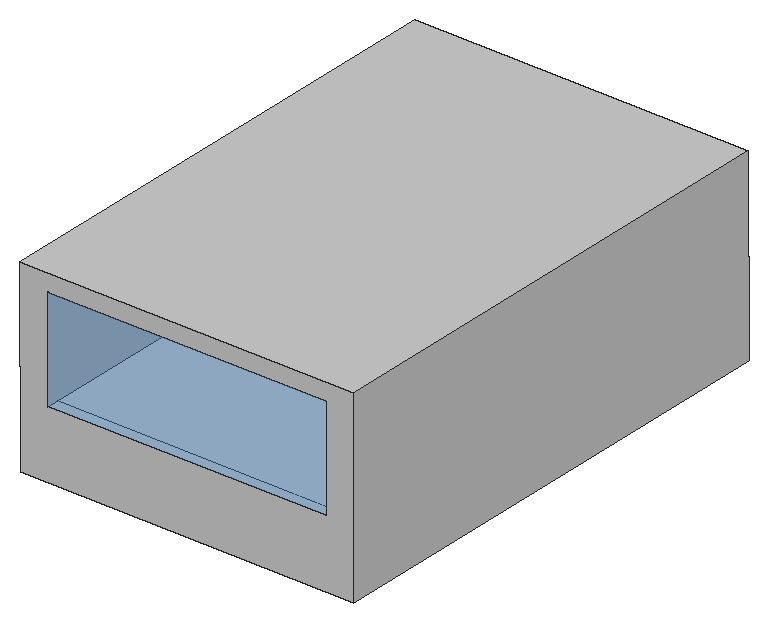
Revit family "24088_BEGA_Revit", category Generic Models, host Face, Revit 2018
Family settings
  Host = Face
  Can host rebar = No
  Round Connector Dimension = Use Diameter
  Part Type = Normal
  Cut with Voids When Loaded = No
  Shared = No
  Room Calculation Point = No
Parameters (values of type "Wall luminaire")
  URL = "https://www.bega-us.com/"
  Model = "24088K4"
  Manufacturer = "BEGA North America"
  Description = "Wall luminaire - One 90deg port - One 15deg port"
  Default Elevation = 0' - 0"
Reference planes (in)
  plane 1 "Center (Front/Back)": y = 0
  plane 2: z = 0
  plane 3 "Center (Left/Right)": x = 0
Lines and regions (in)
  reference lines
    curve 1: line (0, 48, 0) -> (0, -48, 0)
    curve 2: line (48, 0, 0) -> (-48, 0, 0)
Dimensions and locks (in)
  aligned and locked: plane 2 to host face
  aligned and locked: level to host face
Nested families (in)
  nested 1: "24088_base" at (0, 0, 0), type "BEGA_24088_silver_K4"
    with Serial_number "Here you can enter the individual serial number for use in facility management.", Restrictions_to_operation_position "", Material_01 BEGA_finishes_graphite_matt, Distance_to_illuminated_objects "", Dimmable "DALI", Connected_wattage "9 W"
Definition of nested family "24088_base"
  Parameters (values of type "BEGA_24088_graphite_K4")
    Weight = "1.45 kg"
    Voltage = 239.996 V
    Update = "2020-01-03T04:00:18"
    URL = "http://www.bega.de/de/produkt/24088"
    Type Image = element 8397
    Type Comments = "© 2020 BEGA. Technical amendments reserved."
    Surface_temperature = ""
    Service_life_criteria = "L70B50 @ 25 °C = 200000 h"
    Serial_number [instance] = "Here you can enter the individual serial number for use in facility management."
    Safety_class = "I"
    Restrictions_to_operation_position [instance] = ""
    Protection_class = "IP 65"
    Product_data_sheet = "http://www.bega.de/download/Xrfa/db/24088.db.en.pdf"
    Order_number = "24088K4"
    Number_of_luminaires = ""
    Model = "24088K4"
    Material_17 = none
    Material_15 = none
    Material_11 = none
    Material_10 = none
    Material_09 = none
    Material_06 = none
    Material_03 = none
    Material_02 = none
    Material_01 [instance] = none
    Manufacturer = "BEGA"  # constant formula
    M_W = no
    M_G = yes
    M_A = no
    Luminaire_luminous_flux = "313 lm"
    Logo = 0
    Load_Classification = none
    Lamp_luminous_flux = "1085 lm"
    Lamp = "LED 7 W"
    LED_module_designation = "LED-0886/840 + LED-0887/840"
    Half_beam_angle = ""
    Frequency = "0/50-60 Hz"
    Fixing_hole = "Ø 4,5 mm"
    Fixing_distance = "86 x 86 mm"
    Energy_efficiency_class = "LED A++ - A"
    built-in parameter 1150104 = 14.4 (stored number, unit not read)
    Wattage = 7 W
    ENEC = "yes"
    Distance_to_illuminated_objects [instance] = ""
    Dimmable [instance] = "DALI"
    Description_custom_made_product = "Here you can specify modifications of your custom-made product"
    Description = "Wall luminaire"
    Default Elevation = 0' - 0"
    built-in parameter 1150113 = 1 (stored number, unit not read)
    Custom_made_product = no
    Current = ""
    Connecting_cable = ""
    Connected_wattage [instance] = "9 W"
    Colour_temperature = "4000 K"
    Colour_rendering_index = "CRI > 80"
    CE_conformity = "yes"
    Bega_IES = yes
    Ballproof = ""
    built-in parameter 1114218 = 1 (stored number, unit not read)
    built-in parameter 1150134 = 12
    built-in parameter 1150109 = 1 (stored number, unit not read)
    built-in parameter 1150110 = 1 (stored number, unit not read)
    Tilt Angle = 0.00°
    built-in parameter 1114217 = 1 (stored number, unit not read)
    built-in parameter 1150139 = (empty or 0)
    built-in parameter 1150105 = 86.342 (stored number, unit not read)
    built-in parameter 1150114 = 1 (stored number, unit not read)
    Lumens = 1085 lm
    built-in parameter 1150115 = 1 (stored number, unit not read)
    built-in parameter 1150112 = 1 (stored number, unit not read)
    built-in parameter 1150142 = (empty or 0)
    Dimming Lamp Color Temperature Shift = (empty or 0)
    Color Filter = 16777215
    BEGA_internal_structure = yes
    BEGA_internal_on = yes
    BEGA_internal_off = yes
    BEGA_internal = yes
    BEGA_dummy = no
    built-in parameter 1150133 = 10 (stored number, unit not read)
    built-in parameter 1150137 = (empty or 0)
    built-in parameter 1150132 = (empty or 0)
    Photometric Web File = "BE_24088K4.IES"
    built-in parameter 1150106 = 0.86342 (stored number, unit not read)
    built-in parameter 1150107 = 4000 (stored number, unit not read)
    built-in parameter 1150102 = (empty or 0)
    built-in parameter 1150138 = (empty or 0)
    Apparent Load = 0 VA
    Ambient_temperature = "25 °C"
    AC/DC = "AC/DC"
  Types (6): name | Order_number | Model | M_W | M_G | M_A | Luminaire_luminous_flux | Lamp_luminous_flux | LED_module_designation | built-in parameter 1150104 | Colour_temperature | built-in parameter 1150134 | built-in parameter 1150105 | Lumens | Photometric Web File | built-in parameter 1150106 | built-in parameter 1150107
    BEGA_24088_silver_K4 | "24088AK4" | "24088AK4" | no | no | yes | "313 lm" | "1085 lm" | "LED-0886/840 + LED-0887/840" | 14.4 (stored number, unit not read) | "4000 K" | 12 | 86.342 (stored number, unit not read) | 1085 lm | "BE_24088K4.IES" | 0.86342 (stored number, unit not read) | 4000 (stored number, unit not read)
    BEGA_24088_silver_K3 | "24088AK3" | "24088AK3" | no | no | yes | "294 lm" | "1020 lm" | "LED-0886/830 + LED-0887/830" | 13.536 (stored number, unit not read) | "3000 K" | (empty or 0) | 81.161 (stored number, unit not read) | 1019.9 lm | "BE_24088K3.IES" | 0.81161 (stored number, unit not read) | 3000 (stored number, unit not read)
    BEGA_24088_graphite_K3 | "24088K3" | "24088K3" | no | yes | no | "294 lm" | "1020 lm" | "LED-0886/830 + LED-0887/830" | 13.536 (stored number, unit not read) | "3000 K" | (empty or 0) | 81.161 (stored number, unit not read) | 1019.9 lm | "BE_24088K3.IES" | 0.81161 (stored number, unit not read) | 3000 (stored number, unit not read)
    BEGA_24088_graphite_K4 | "24088K4" | "24088K4" | no | yes | no | "313 lm" | "1085 lm" | "LED-0886/840 + LED-0887/840" | 14.4 (stored number, unit not read) | "4000 K" | 12 | 86.342 (stored number, unit not read) | 1085 lm | "BE_24088K4.IES" | 0.86342 (stored number, unit not read) | 4000 (stored number, unit not read)
    BEGA_24088_white_K3 | "24088WK3" | "24088WK3" | yes | no | no | "294 lm" | "1020 lm" | "LED-0886/830 + LED-0887/830" | 13.536 (stored number, unit not read) | "3000 K" | (empty or 0) | 81.161 (stored number, unit not read) | 1019.9 lm | "BE_24088K3.IES" | 0.81161 (stored number, unit not read) | 3000 (stored number, unit not read)
    BEGA_24088_white_K4 | "24088WK4" | "24088WK4" | yes | no | no | "313 lm" | "1085 lm" | "LED-0886/840 + LED-0887/840" | 14.4 (stored number, unit not read) | "4000 K" | 12 | 86.342 (stored number, unit not read) | 1085 lm | "BE_24088K4.IES" | 0.86342 (stored number, unit not read) | 4000 (stored number, unit not read)
  Reference planes (in)
    plane 1 "Center (Front/Back)": y = 0
    plane 2: z = 0
    plane 3 "Center (Left/Right)": x = 0
    plane 4 "left": x = -2.3622
    plane 5 "right": x = 2.3622
    plane 6 "down": y = -3.48425
    plane 7 "up": y = 3.48425
    plane 8 "Back": z = 0
    plane 9 "Front": z = 2.74016
  Forms (in)
    Extrusion 1, solid
      sketch origin (0, 0, 0) x (1, 0, 0) y (0, 1, 0)
        loop
          line (-7.87402, 7.87402) -> (-7.87402, -7.87402) -> (7.87402, -7.87402) -> (7.87402, 7.87402) -> (-7.87402, 7.87402)
      from 0 to -0.3937
    Extrusion 2, solid, visible <- "BEGA_dummy"
      sketch origin (3.15336, -2.99303, 0) x (1, 0, 0) y (0, 1, 0)
        loop
          line (-5.51557, 6.47728) -> (-5.51557, -0.49122) -> (-0.79116, -0.49122) -> (-0.79116, 6.47728) -> (-5.51557, 6.47728)
      from 0 to 2.74016
  Dimensions and locks (in)
    aligned and locked: plane 2 to Extrusion 1
    aligned and locked: level to Extrusion 1
  Nested families (in)
    nested 1: "BE_24088" at (-0.10839, 0, 0), type "BE_24088"
      with M_W no, M_A no
  Connectors (in)
    electrical at (0, 0, 0), driven by "Apparent Load", driven by "Load_Classification", driven by "Voltage"
      settings: on Extrusion 1, index 1, voltage 239.996 V, apparent load 0 VA, apparent load phase1 0 VA, apparent load phase2 0 VA, apparent load phase3 0 VA, power factor 1, load classification none, number of poles 1, system type 31, power factor state 1, is connector primary yes, connector utility no, sub classification motor no, connector description ""
  Definition of nested family "BE_24088"
    Parameters (values of type "BE_24088")
      Default Elevation = 0' - 0.03937"
      URL = "http://www.bega.de/de/produkt"
      Type Comments = "© 2015 BEGA. Wir behalten uns das Recht vor, technische Änderungen ohne vorherige Ankündigung vorzunehmen. "  # constant formula
      Type Image = (empty or 0)
      Neigungswinkel_um_Z2 = 0.00°
      Neigungswinkel_um_Z1 = 0.00°
      Neigungswinkel_um_Y2 = 0.00°
      Neigungswinkel_um_Y1 = 0.00°
      Neigungswinkel_um_X2 = 0.00°
      Neigungswinkel_um_X1 = 0.00°
      Material_17 = none
      Material_15 = none
      Material_11 = none
      Material_10 = none
      Material_09 = none
      Material_06 = none
      Material_03 = none
      Material_02 = none
      Material_01 = none
      M_W = yes
      M_G = yes
      M_A = yes
      Länge_Platte = 0' - 7.87402"  # constant formula
      Höhe_Platte = -0' - 0.3937"  # constant formula
      Manufacturer = "BEGA"  # constant formula
      Drehwinkel_um_Z2 = 0.00°
      Drehwinkel_um_Z1 = 0.00°
      Breite_Platte = 0' - 7.87402"  # constant formula
    Reference planes (in)
      plane 1 "Mitte (Oben/Unten)": y = 0
      plane 2: z = 0
      plane 3 "Mitte (Links/Rechts)": x = 0.10839
      plane 4 "Hinten": z = -0.59055
      plane 5 "Oben": y = 3.48425
      plane 6 "Unten": y = -3.48425
      plane 7: z = 2.74016
      plane 8: x = 2.4706
      plane 9: x = -2.25381
    Forms (in)
      Extrusion 1, solid, detail levels medium
        sketch origin (0, 0, 0) x (1, 0, 0) y (0, 1, 0)
          loop
            line (-3.82861, 3.93701) -> (-3.82861, -3.93701) -> (4.0454, -3.93701) -> (4.0454, 3.93701) -> (-3.82861, 3.93701)
        from 0 to -0.3937 <- "Höhe_Platte"
      Extrusion 2, solid, material <- "Material_10"
        sketch origin (0.10839, 0, 0) x (0, 1, 0) y (0, 0, 1)
          loop
            line (3.48268, 2.49189) -> (3.3248, 2.49189) -> (3.3248, 1.0352) -> (3.48268, 1.0352) -> (3.48268, 2.49189)
          loop
            line (-3.48268, 2.49189) -> (-3.48268, 1.0352) -> (-3.3248, 1.0352) -> (-3.3248, 2.49189) -> (-3.48268, 2.49189)
        from -1.9685 to 1.9685
      Extrusion 3, solid, material <- "Material_01", visible <- "M_G"
        sketch origin (0, 0, 0) x (1, 0, 0) y (0, 0, 1)
          loop
            line (-2.25381, 2.74016) -> (-2.25381, 0.07478) -> (2.4706, 0.07478) -> (2.4706, 2.74016) -> (-2.25381, 2.74016)
          loop
            line (2.0769, 2.49189) -> (-1.86011, 2.49189) -> (-1.86011, 1.0352) -> (2.0769, 1.0352) -> (2.0769, 2.49189)
        from -3.48425 to 3.48425
      Extrusion 4, void
        sketch origin (0, 0.02201, 0) x (1, 0, 0) y (0, 1, 0)
          loop
            line (-2.15968, 3.39012) -> (-2.15968, -3.39012) -> (0.26439, -3.39012) -> (2.37647, -3.39012) -> (2.37647, 3.39012) -> (0.09274, 3.39012) -> (-2.15968, 3.39012)
        from 0 to 0.57707
      Revolve 5, solid, material <- "Material_01"
        sketch origin (0.10839, 0, 0) x (0, 1, 0) y (0, 0, 1)
          loop
            line (2.17785, 0.41252) -> (2.19406, 0.7874) -> (2.14255, 0.7874) -> (0, 0.7874) -> (0, 0.47244) -> (1.88715, 0.47244) -> (1.90271, 0) -> (2.00444, 0) -> (2.00887, 0.11983) -> (2.17785, 0.41252)
          axis (0, 0) -> (0, 0.7874)
        angle from 0 to 360
      Extrusion 6, solid, material <- "Material_01"
        sketch origin (0, 0, 0) x (1, 0, 0) y (0, 1, 0)
          loop
            arc (-1.89358, -1.66294) -> (-1.73189, -1.84028) -> (-1.55454, -2.00197) r 2.60254
            line (-1.55454, -2.00197) -> (-1.04841, -1.64758)
            arc (-1.04841, -1.64758) -> (-1.31511, -1.4235) -> (-1.53918, -1.15681) r 2.01314
            line (-1.53918, -1.15681) -> (-1.89358, -1.66294)
          loop
            arc (-1.71612, -1.6947) -> (-1.65271, -1.76051) -> (-1.58692, -1.82394) r 2.49016
            arc (-1.58692, -1.82394) -> (-1.46138, -1.82027) -> (-1.4657, -1.69475) r 0.08858
            arc (-1.4657, -1.69475) -> (-1.52714, -1.63553) -> (-1.58635, -1.57409) r 2.31299
            arc (-1.58635, -1.57409) -> (-1.71151, -1.56951) -> (-1.71612, -1.6947) r 0.08858
          loop
            arc (1.68249, -1.69475) -> (1.67787, -1.81994) -> (1.80302, -1.8246) r 0.08858
            arc (1.80302, -1.8246) -> (1.8692, -1.76081) -> (1.93299, -1.69462) r 2.49016
            arc (1.93299, -1.69462) -> (1.92837, -1.56943) -> (1.80314, -1.57409) r 0.08858
            arc (1.80314, -1.57409) -> (1.74393, -1.63553) -> (1.68249, -1.69475) r 2.31299
          loop
            arc (1.77133, -2.00197) -> (1.94867, -1.84028) -> (2.11037, -1.66294) r 2.60254
            line (2.11037, -1.66294) -> (1.75597, -1.15681)
            arc (1.75597, -1.15681) -> (1.5319, -1.4235) -> (1.2652, -1.64758) r 2.01314
            line (1.2652, -1.64758) -> (1.77133, -2.00197)
          loop
            line (1.77133, 2.00198) -> (1.2652, 1.64758)
            arc (1.2652, 1.64758) -> (1.5319, 1.4235) -> (1.75597, 1.15681) r 2.01314
            line (1.75597, 1.15681) -> (2.11037, 1.66294)
            arc (2.11037, 1.66294) -> (1.94867, 1.84028) -> (1.77133, 2.00198) r 2.60254
          loop
            arc (1.80314, 1.57409) -> (1.92821, 1.56936) -> (1.93317, 1.69442) r 0.08858
            arc (1.93317, 1.69442) -> (1.8692, 1.76081) -> (1.80282, 1.82478) r 2.49016
            arc (1.80282, 1.82478) -> (1.67776, 1.81982) -> (1.68249, 1.69475) r 0.08858
            arc (1.68249, 1.69475) -> (1.74393, 1.63553) -> (1.80314, 1.57409) r 2.31299
          loop
            arc (-1.4657, 1.69475) -> (-1.46097, 1.81982) -> (-1.58603, 1.82478) r 0.08858
            arc (-1.58603, 1.82478) -> (-1.65241, 1.76081) -> (-1.71638, 1.69442) r 2.49016
            arc (-1.71638, 1.69442) -> (-1.71142, 1.56936) -> (-1.58635, 1.57409) r 0.08858
            arc (-1.58635, 1.57409) -> (-1.52714, 1.63553) -> (-1.4657, 1.69475) r 2.31299
          loop
            arc (-1.55454, 2.00197) -> (-1.73189, 1.84028) -> (-1.89358, 1.66294) r 2.60254
            line (-1.89358, 1.66294) -> (-1.53918, 1.15681)
            arc (-1.53918, 1.15681) -> (-1.31511, 1.4235) -> (-1.04841, 1.64758) r 2.01314
            line (-1.04841, 1.64758) -> (-1.55454, 2.00197)
        from 0 to 0.06312
      Extrusion 7, void
        sketch origin (0, 0, 0) x (1, 0, 0) y (0, 1, 0)
          loop
            circle (-0.99397, 0.59055) r 0.20064
          loop
            circle (-0.99397, -0.59055) r 0.20064
        from 0 to 2.05281
      Extrusion 8, solid, material <- "Material_02", visible <- "M_A"
        sketch origin (0, 0, 0) x (1, 0, 0) y (0, 0, 1)
          loop
            line (-2.25381, 2.74016) -> (-2.25381, 0.07478) -> (2.4706, 0.07478) -> (2.4706, 2.74016) -> (-2.25381, 2.74016)
          loop
            line (2.0769, 2.49189) -> (-1.86011, 2.49189) -> (-1.86011, 1.0352) -> (2.0769, 1.0352) -> (2.0769, 2.49189)
        from -3.48425 to 3.48425
      Extrusion 9, solid, material <- "Material_03", visible <- "M_W"
        sketch origin (0, 0, 0) x (1, 0, 0) y (0, 0, 1)
          loop
            line (-2.25381, 2.74016) -> (-2.25381, 0.07478) -> (2.4706, 0.07478) -> (2.4706, 2.74016) -> (-2.25381, 2.74016)
          loop
            line (2.0769, 2.49189) -> (-1.86011, 2.49189) -> (-1.86011, 1.0352) -> (2.0769, 1.0352) -> (2.0769, 2.49189)
        from -3.48425 to 3.48425
    Cuts and joins
      Extrusion 4 cuts Extrusion 2
      Extrusion 7 cuts Revolve 5
      Extrusion 7 cuts Extrusion 6
      joined: Revolve 5, Extrusion 6
      Extrusion 4, Extrusion 7 cuts Extrusion 9
      Extrusion 4, Extrusion 7 cuts Extrusion 8
      Extrusion 4, Extrusion 7 cuts Extrusion 3
    Dimensions and locks (in)
      equal spacing: Extrusion 1 sketch curve, plane 3 "Mitte (Links/Rechts)", Extrusion 1 sketch curve
      equal spacing: Extrusion 1 sketch curve, plane 1 "Mitte (Oben/Unten)", Extrusion 1 sketch curve
      "Länge_Platte": Extrusion 1 sketch curve to Extrusion 1 sketch curve
      "Breite_Platte": Extrusion 1 sketch curve to Extrusion 1 sketch curve
      aligned and locked: plane 2 to Extrusion 1
      aligned and locked: level to Extrusion 1
    Automatic sketch dimensions
      level to Extrusion 2 sketch curve = 0' - 1.0352"  (x2)
      plane 1 "Mitte (Oben/Unten)" to Extrusion 2 sketch curve = 0' - 3.48268"
      Extrusion 2 sketch curve to Extrusion 2 sketch curve = 0' - 0.15787"  (x2)
      Extrusion 2 sketch curve to plane 1 "Mitte (Oben/Unten)" = 0' - 3.3248"
      level to Extrusion 3 sketch curve = 0' - 0.07478"
      Extrusion 3 sketch curve to Extrusion 3 sketch curve = 0' - 0.3937"  (x2)
      plane 3 "Mitte (Links/Rechts)" to Extrusion 3 sketch curve = 0' - 1.9685"
      level to Extrusion 3 sketch curve = 0' - 1.0352"
      Extrusion 4 sketch curve to plane 3 "Mitte (Links/Rechts)" = 0' - 0.01565"
      plane 3 "Mitte (Links/Rechts)" to Extrusion 4 sketch curve = 0' - 0.156"
      plane 1 "Mitte (Oben/Unten)" to Extrusion 4 sketch curve = 0' - 3.36811"
      Extrusion 4 sketch curve to plane 1 "Mitte (Oben/Unten)" = 0' - 3.41213"
      Revolve 5 sketch curve to plane 1 "Mitte (Oben/Unten)" = 0' - 0"  (x2)
      Revolve 5 sketch curve to level = 0' - 0"
      level to Revolve 5 sketch curve = 0' - 0.47244"
      Revolve 5 sketch curve to plane 1 "Mitte (Oben/Unten)" = 0' - 1.88715"
      Revolve 5 sketch curve to Revolve 5 sketch curve = 0' - 0.01555"
      Revolve 5 sketch curve to Revolve 5 sketch curve = 0' - 0.10173"
      level to Revolve 5 sketch curve = 0' - 0.11983"
      Revolve 5 sketch curve to Revolve 5 sketch curve = 0' - 0.00443"
      Revolve 5 sketch curve to Revolve 5 sketch curve = 0' - 0.2554"
      level to Revolve 5 sketch curve = 0' - 0.41252"
      Revolve 5 sketch curve to Revolve 5 sketch curve = 0' - 0.2907"
      Revolve 5 sketch curve to Revolve 5 sketch curve = 0' - 0.05151"
      Revolve 5 sketch curve to Revolve 5 sketch curve = 0' - 0.37488"
      Revolve 5 sketch curve to Revolve 5 sketch curve = 0' - 0"
      Revolve 5 sketch curve to Revolve 5 sketch curve = 0' - 0.1063"
      Extrusion 6 sketch curve to Extrusion 6 sketch curve = 0' - 0"  (x103)
      plane 1 "Mitte (Oben/Unten)" to Extrusion 6 sketch curve = 0' - 0"  (x2)
      Extrusion 6 sketch curve to plane 3 "Mitte (Links/Rechts)" = 0' - 0"  (x3)
      Extrusion 6 sketch curve to plane 1 "Mitte (Oben/Unten)" = 0' - 0"  (x2)
      Extrusion 6 sketch curve to plane 3 "Mitte (Links/Rechts)" = 0' - 0.00004"  (x2)
      Extrusion 6 sketch curve to plane 3 "Mitte (Links/Rechts)" = 0' - 1.15681"  (x2)
      Extrusion 6 sketch curve to Extrusion 6 sketch curve = 0' - 0.47757"  (x6)
      Extrusion 6 sketch curve to Extrusion 6 sketch curve = 0' - 0.0132"  (x3)
      Extrusion 6 sketch curve to Extrusion 6 sketch curve = 0' - 0.02856"  (x6)
      Extrusion 6 sketch curve to Extrusion 6 sketch curve = 0' - 0.12524"  (x2)
      Extrusion 6 sketch curve to Extrusion 6 sketch curve = 0' - 0.12527"  (x4)
      plane 1 "Mitte (Oben/Unten)" to Extrusion 6 sketch curve = 0' - 1.66294"  (x2)
      Extrusion 6 sketch curve to Extrusion 6 sketch curve = 0' - 0.24236"
      Extrusion 6 sketch curve to Extrusion 6 sketch curve = 0' - 0.24232"  (x4)
      plane 3 "Mitte (Links/Rechts)" to Extrusion 6 sketch curve = 0' - 0"  (x2)
      plane 3 "Mitte (Links/Rechts)" to Extrusion 6 sketch curve = 0' - 1.15681"  (x2)
      Extrusion 6 sketch curve to Extrusion 6 sketch curve = 0' - 0.12531"  (x2)
      Extrusion 6 sketch curve to Extrusion 6 sketch curve = 0' - 0.24229"
      Extrusion 6 sketch curve to Extrusion 6 sketch curve = 0' - 0.09671"
      Extrusion 6 sketch curve to Extrusion 6 sketch curve = 0' - 0.11207"  (x2)
      plane 1 "Mitte (Oben/Unten)" to Extrusion 6 sketch curve = 0' - 0.00004"
      Extrusion 6 sketch curve to plane 1 "Mitte (Oben/Unten)" = 0' - 0.00004"
      Extrusion 6 sketch curve to plane 1 "Mitte (Oben/Unten)" = 0' - 1.15681"  (x2)
      Extrusion 6 sketch curve to Extrusion 6 sketch curve = 0' - 0.06028"  (x6)
      plane 1 "Mitte (Oben/Unten)" to Extrusion 6 sketch curve = 0' - 1.15681"
      Extrusion 6 sketch curve to Extrusion 6 sketch curve = 0' - 0.06005"  (x2)
      Extrusion 6 sketch curve to Extrusion 6 sketch curve = 0' - 0.06491"  (x5)
      Extrusion 6 sketch curve to Extrusion 6 sketch curve = 0' - 0.00004"  (x3)
      Extrusion 6 sketch curve to Extrusion 6 sketch curve = 0' - 0.06094"
      Extrusion 6 sketch curve to Extrusion 6 sketch curve = 0' - 0.0649"
      Extrusion 6 sketch curve to Extrusion 6 sketch curve = 0' - 0.06513"  (x2)
      Extrusion 6 sketch curve to Extrusion 6 sketch curve = 0' - 0.06025"
      Extrusion 6 sketch curve to Extrusion 6 sketch curve = 0' - 0.06494"
      level to Extrusion 8 sketch curve = 0' - 0.07478"
      Extrusion 8 sketch curve to Extrusion 8 sketch curve = 0' - 0.3937"  (x2)
      plane 3 "Mitte (Links/Rechts)" to Extrusion 8 sketch curve = 0' - 1.9685"
      level to Extrusion 8 sketch curve = 0' - 1.0352"
      level to Extrusion 9 sketch curve = 0' - 0.07478"
      Extrusion 9 sketch curve to Extrusion 9 sketch curve = 0' - 0.3937"  (x2)
      plane 3 "Mitte (Links/Rechts)" to Extrusion 9 sketch curve = 0' - 1.9685"
      level to Extrusion 9 sketch curve = 0' - 1.0352"
      Extrusion 2 sketch curve to plane 7 = 0' - 0.24827"  (x2)
      Extrusion 3 sketch curve to plane 7 = 0' - 0"
      Extrusion 3 sketch curve to plane 7 = 0' - 0.24827"
      Extrusion 8 sketch curve to plane 7 = 0' - 0"
      Extrusion 8 sketch curve to plane 7 = 0' - 0.24827"
      Extrusion 9 sketch curve to plane 7 = 0' - 0"
      Extrusion 9 sketch curve to plane 7 = 0' - 0.24827"
      plane 8 to Extrusion 4 sketch curve = 0' - 0.09413"
      plane 9 to Extrusion 3 sketch curve = 0' - 0"
      Extrusion 4 sketch curve to plane 9 = 0' - 0.09413"
      plane 9 to Extrusion 8 sketch curve = 0' - 0"
      plane 9 to Extrusion 9 sketch curve = 0' - 0"
